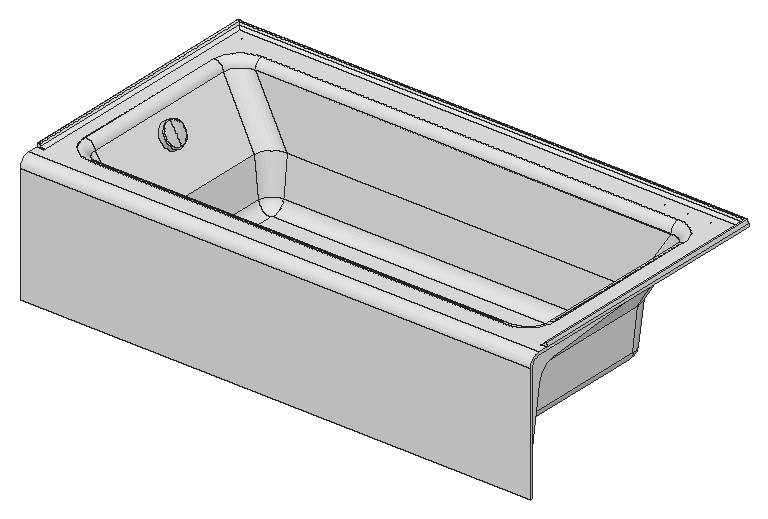
Revit family "Bath-Alcove-KOHLER-Bellwether-K-875", category Plumbing Fixtures, host Face, Revit 2015
Parameters (values of type "0-White")
  Width = 32"  # constant formula
  Waste Water Outlet = "Waste Water Outlet"  # constant formula
  Waste Connection = 1 = 1  # yes
  Vent Connection = 1 = 0  # no
  URL = "https://www.us.kohler.com/us/"
  Type = 1
  Product Page URL = "http://www.us.kohler.com/us/catalog/productDetails.jsp?productNumber=875"
  Product Name = "Bellwether"  # constant formula
  Product Documentation Link = "http://www.us.kohler.com/onlinecatalog/pdf/K-875_spec.pdf"
  Model = if(Type = 1, "K-875-0", if(Type = 2, "K-875-96", if(Type = 3, "K-875-47", if(Type = 4, "K-875-NY", if(Type = 5, "K-875-G9", "NA")))))  # "K-875-0"
  Material = "Enameled Cast Iron"  # constant formula
  MasterFormat 2004 = "22.41.19"  # constant formula
  MasterFormat 1995 = "15410"  # constant formula
  Manufacturer Address = "444 Highland Dr, Kohler, WI 53044"  # constant formula
  Manufacturer = "KOHLER Co."  # constant formula
  Length = 60"  # constant formula
  Hot Water Inlet = "Hot Water Inlet"  # constant formula
  Height = 15 1/2"  # constant formula
  HW Connection = 1 = 0  # no
  Finish = Kohler-Enameled_Cast_Iron-0-White
  Environmental Product Declaration = "https://www.us.kohler.com/webassets/kpna/catalog/pdf/en/K-875.pdf"
  Drain Included = 1 = 0  # no
  Description = "60inch x 32inch alcove bath with integral apron and left-hand drain"  # constant formula
  Default Elevation = 0"
  Declare Label = ""
  Date Modified = "12/17/2018"  # constant formula
  Date Created = "12/17/2018"  # constant formula
  Copyright = "Copyright KOHLER Co."  # constant formula
  Contact Us = "https://www.us.kohler.com/us/static/contact.jsp"
  Cold Water Inlet = "Cold Water Inlet"  # constant formula
  CW Connection = 1 = 0  # no
  Assembly Code = "D2010500"
  ADA Compliant = 1 = 1  # yes
Types (6): name | Type | Model | Finish
  (no name) | 1 | "K-875-0" | Kohler-Enameled_Cast_Iron-0-White
  0-White | 1 | "K-875-0" | Kohler-Enameled_Cast_Iron-0-White
  96-Biscuit | 2 | "K-875-96" | Kohler-Enameled_Cast_Iron-96-Biscuit
  47-Almond | 3 | "K-875-47" | Kohler-Enameled_Cast_Iron-47-Almond
  NY-Dune | 4 | "K-875-NY" | Kohler-Enameled_Cast_Iron-NY-Dune
  G9-Sandbar | 5 | "K-875-G9" | Kohler-Enameled_Cast_Iron-G9-Sandbar
Reference planes (in)
  plane 1 "Center (Front/Back)": y = 0
  plane 2: z = 0
  plane 3 "Center (Left/Right)": x = 0
  plane 4: y = 15.9375
  plane 5: y = -16.0625
  plane 6: x = -30
  plane 7: x = 30
  plane 8: x = -18.125
  plane 9: z = 15.5
Dimensions and locks (in)
  "Length": plane 6 to plane 7
  "Width": plane 5 to plane 4
  plane 6 to plane 8 = 11 7/8"
  "Height": plane 9 to plane 2
  aligned and locked: plane 2 to host face
  aligned and locked: level to host face
Automatic sketch dimensions
  host sketch curve to host sketch curve = 96"  (x2)
Nested families (in)
  nested 1: "K-875" at (0, 0, 0), type "K-875"
Connectors (in)
  piping at (-18.125, 0, 0.31928), diameter 1.5, driven by "Waste Connection", driven by "Waste Water Outlet"
    settings: on nested 1, index 1, connector inside diameter 24", connector length 0", flow factor 0, pipe flow 0 GPM, pressure drop 0.00 psi, fitting loss kfactor 0, connector angle 0.00°, fixture units 0, engagement length 0", angle of deflection 0.00°, flow configuration 0, flow direction 2, fitting loss method 0, system type 16, joint type 0, gender type 0, connector reference index -1, connector utility 1, adjustable connector no, is connector primary yes, connector description "Waste Water Outlet"
Definition of nested family "K-875"
  Parameters (values of type "K-875")
    Material = none
  Reference planes (in)
    plane 1 "Center (Front/Back)": y = 0
    plane 2: z = 0
    plane 3 "Center (Left/Right)": x = 0
    plane 4: y = 15.9375
    plane 5: y = -16.0625
    plane 6: x = -18.125
    plane 7: x = -30
    plane 8: x = 30
    plane 9: z = 15.5
    plane 10: z = 14.97865
  Forms (in)
    Sweep 1, solid, material <- "Material", detail levels medium+fine
      path origin (0, 0, 0) x (1, 0, 0) y (0, 1, 0)
        loop
          line (-22.24722, 8.76231) -> (-22.24722, -8.76231)
          arc (-22.24722, -8.76231) -> (-21.66144, -10.17652) -> (-20.24722, -10.76231) r 2
          line (-20.24722, -10.76231) -> (20.24722, -10.76231)
          arc (20.24722, -10.76231) -> (21.66144, -10.17652) -> (22.24722, -8.76231) r 2
          line (22.24722, -8.76231) -> (22.24722, 8.76231)
          arc (22.24722, 8.76231) -> (21.66144, 10.17652) -> (20.24722, 10.76231) r 2
          line (20.24722, 10.76231) -> (-20.24722, 10.76231)
          arc (-20.24722, 10.76231) -> (-21.66144, 10.17652) -> (-22.24722, 8.76231) r 2
      profile origin (-22.24722, 0, 0) x (1, 0, 0) y (0, 0, 1)
        loop
          arc (1.80483, 1.13671) -> (0.82256, 1.51377) -> (0.34489, 2.45125) r 1.46799
          line (0.34489, 2.45125) -> (-0.13412, 7.00871) -> (-0.49617, 7.00871) -> (0.04384, 1.87083)
          arc (0.04384, 1.87083) -> (0.49513, 0.98513) -> (1.42315, 0.6289) r 1.38691
          line (1.42315, 0.6289) -> (1.85274, 0.6289) -> (1.85274, 1.13671) -> (1.80483, 1.13671)
    Extrusion 2, solid, material <- "Material", detail levels medium+fine
      sketch origin (0, 0, 0) x (1, 0, 0) y (0, 1, 0)
        loop
          arc (-20.24722, 8.90957) -> (-20.35135, 8.86644) -> (-20.39448, 8.76231) r 0.14726
          line (-20.39448, 8.76231) -> (-20.39448, -8.76231)
          arc (-20.39448, -8.76231) -> (-20.35135, -8.86644) -> (-20.24722, -8.90957) r 0.14726
          line (-20.24722, -8.90957) -> (20.24722, -8.90957)
          arc (20.24722, -8.90957) -> (20.35135, -8.86644) -> (20.39448, -8.76231) r 0.14726
          line (20.39448, -8.76231) -> (20.39448, 8.76231)
          arc (20.39448, 8.76231) -> (20.35135, 8.86644) -> (20.24722, 8.90957) r 0.14726
          line (20.24722, 8.90957) -> (-20.24722, 8.90957)
      from 0.6289 to 1.13671
    Sweep 3, solid, material <- "Material", detail levels medium+fine
      path origin (0, 0, 0) x (1, 0, 0) y (0, 1, 0)
        loop
          line (30, -13.5625) -> (30, 15.9375) -> (-30, 15.9375) -> (-30, -13.5625)
      profile origin (-30, 1.1875, 0) x (1, 0, 0) y (0, 0, 1)
        loop
          arc (0.2406, 15.43717) -> (0.20654, 15.47567) -> (0.16016, 15.4978) r 0.12892
          arc (0.16016, 15.4978) -> (0.10871, 15.48913) -> (0.08007, 15.44553) r 0.06524
          line (0.08007, 15.44553) -> (0, 14.97865) -> (0, 14.68) -> (1.09448, 14.68) -> (1.09448, 14.97865) -> (0.794, 14.97865)
          arc (0.794, 14.97865) -> (0.544, 15.04564) -> (0.36099, 15.22865) r 0.5
          line (0.36099, 15.22865) -> (0.2406, 15.43717)
    Sweep 4, solid, material <- "Material", detail levels medium+fine
      path origin (0, 0, 0) x (1, 0, 0) y (0, 1, 0)
        loop
          arc (-24.46281, 12.43951) -> (-26.58413, 11.56083) -> (-27.46281, 9.43951) r 3
          line (-27.46281, 9.43951) -> (-27.46281, -9.43951)
          arc (-27.46281, -9.43951) -> (-26.58413, -11.56083) -> (-24.46281, -12.43951) r 3
          line (-24.46281, -12.43951) -> (24.46281, -12.43951)
          arc (24.46281, -12.43951) -> (26.58413, -11.56083) -> (27.46281, -9.43951) r 3
          line (27.46281, -9.43951) -> (27.46281, 9.43951)
          arc (27.46281, 9.43951) -> (26.58413, 11.56083) -> (24.46281, 12.43951) r 3
          line (24.46281, 12.43951) -> (-24.46281, 12.43951)
      profile origin (0, 12.43951, 0) x (0, 1, 0) y (0, 0, 1)
        loop
          line (0.21813, 14.875) -> (0.31592, 14.875) -> (0.31592, 14.97865) -> (0.16618, 14.97865)
          arc (0.16618, 14.97865) -> (-0.56355, 14.69408) -> (-0.90799, 13.99062) r 1.07792
          line (-0.90799, 13.99062) -> (-0.76024, 13.99062)
          arc (-0.76024, 13.99062) -> (-0.44129, 14.62114) -> (0.21813, 14.875) r 0.98336
    Blend 5, solid, material <- "Material", detail levels medium+fine
      base sketch origin (0, 0, 0) x (1, 0, 0) y (0, 1, 0)
        loop
          arc (-20.24722, 11.25848) -> (-22.01228, 10.52737) -> (-22.7434, 8.76231) r 2.49617
          line (-22.7434, 8.76231) -> (-22.7434, -8.76231)
          arc (-22.7434, -8.76231) -> (-22.01228, -10.52737) -> (-20.24722, -11.25848) r 2.49617
          line (-20.24722, -11.25848) -> (20.24722, -11.25848)
          arc (20.24722, -11.25848) -> (22.01228, -10.52737) -> (22.7434, -8.76231) r 2.49617
          line (22.7434, -8.76231) -> (22.7434, 8.76231)
          arc (22.7434, 8.76231) -> (22.01228, 10.52737) -> (20.24722, 11.25848) r 2.49617
          line (20.24722, 11.25848) -> (-20.24722, 11.25848)
      top sketch origin (0, 0, 0) x (1, 0, 0) y (0, 1, 0)
        loop
          line (-26.70257, 9.43951) -> (-26.70257, -9.43951)
          arc (-26.70257, -9.43951) -> (-26.04656, -11.02326) -> (-24.46281, -11.67927) r 2.23976
          line (-24.46281, -11.67927) -> (24.46281, -11.67927)
          arc (24.46281, -11.67927) -> (26.04656, -11.02326) -> (26.70257, -9.43951) r 2.23976
          line (26.70257, -9.43951) -> (26.70257, 9.43951)
          arc (26.70257, 9.43951) -> (26.04656, 11.02326) -> (24.46281, 11.67927) r 2.23976
          line (24.46281, 11.67927) -> (-24.46281, 11.67927)
          arc (-24.46281, 11.67927) -> (-26.04656, 11.02326) -> (-26.70257, 9.43951) r 2.23976
      from 7.00871 to 13.99062
    Blend 6, void
      base sketch origin (0, 0, 0) x (1, 0, 0) y (0, 1, 0)
        loop
          line (-22.38134, 8.76231) -> (-22.38134, -8.76231)
          arc (-22.38134, -8.76231) -> (-21.75627, -10.27136) -> (-20.24722, -10.89643) r 2.13412
          line (-20.24722, -10.89643) -> (20.24722, -10.89643)
          arc (20.24722, -10.89643) -> (21.75627, -10.27136) -> (22.38134, -8.76231) r 2.13412
          line (22.38134, -8.76231) -> (22.38134, 8.76231)
          arc (22.38134, 8.76231) -> (21.75627, 10.27136) -> (20.24722, 10.89643) r 2.13412
          line (20.24722, 10.89643) -> (-20.24722, 10.89643)
          arc (-20.24722, 10.89643) -> (-21.75627, 10.27136) -> (-22.38134, 8.76231) r 2.13412
      top sketch origin (0, 0, 0) x (1, 0, 0) y (0, 1, 0)
        loop
          line (-26.55483, 9.43951) -> (-26.55483, -9.43951)
          arc (-26.55483, -9.43951) -> (-25.94209, -10.91879) -> (-24.46281, -11.53153) r 2.09201
          line (-24.46281, -11.53153) -> (24.46281, -11.53153)
          arc (24.46281, -11.53153) -> (25.94209, -10.91879) -> (26.55483, -9.43951) r 2.09201
          line (26.55483, -9.43951) -> (26.55483, 9.43951)
          arc (26.55483, 9.43951) -> (25.94209, 10.91879) -> (24.46281, 11.53153) r 2.09201
          line (24.46281, 11.53153) -> (-24.46281, 11.53153)
          arc (-24.46281, 11.53153) -> (-25.94209, 10.91879) -> (-26.55483, 9.43951) r 2.09201
      from 7.00871 to 13.99062
    Extrusion 7, solid, material <- "Material", detail levels medium+fine
      sketch origin (0, 0, 0) x (0, 1, 0) y (0, 0, 1)
        loop
          line (-16.0625, 13.72865) -> (-16.0625, 0) -> (-15.83687, 0) -> (-15.83687, 13.68)
          arc (-15.83687, 13.68) -> (-15.54398, 14.38711) -> (-14.83687, 14.68) r 1
          line (-14.83687, 14.68) -> (-14.33687, 14.68) -> (-14.33687, 14.97865) -> (-14.8125, 14.97865)
          arc (-14.8125, 14.97865) -> (-15.69638, 14.61253) -> (-16.0625, 13.72865) r 1.25
      from -30 to 30
    Extrusion 8, solid, material <- "Material", detail levels medium+fine
      sketch origin (0, 0, 0) x (1, 0, 0) y (0, 1, 0)
        loop
          line (-28.90552, -13.5625) -> (-30, -13.5625) -> (-30, -14.33687) -> (30, -14.33687) -> (30, -13.5625) -> (28.90552, -13.5625) -> (28.90552, 14.84302) -> (-28.90552, 14.84302) -> (-28.90552, -13.5625)
        loop
          line (-27.77873, 9.43951) -> (-27.77873, -9.43951)
          arc (-27.77873, -9.43951) -> (-26.80752, -11.78422) -> (-24.46281, -12.75543) r 3.31592
          line (-24.46281, -12.75543) -> (24.46281, -12.75543)
          arc (24.46281, -12.75543) -> (26.80752, -11.78422) -> (27.77873, -9.43951) r 3.31592
          line (27.77873, -9.43951) -> (27.77873, 9.43951)
          arc (27.77873, 9.43951) -> (26.80752, 11.78422) -> (24.46281, 12.75543) r 3.31592
          line (24.46281, 12.75543) -> (-24.46281, 12.75543)
          arc (-24.46281, 12.75543) -> (-26.80752, 11.78422) -> (-27.77873, 9.43951) r 3.31592
      from 14.68 to 14.97865
    Revolve 9, solid, material <- "Material", detail levels medium+fine
      sketch origin (0, 0, 0) x (1, 0, 0) y (0, 0, 1)
        loop
          line (-19.75, 0.25) -> (-19.25865, 0.25) -> (-19.25865, 0.31928) -> (-18.125, 0.31928) -> (-18.125, 0.6289) -> (-20.49363, 0.6289)
          arc (-20.49363, 0.6289) -> (-20.09605, 0.49002) -> (-19.75, 0.25) r 1.56258
        axis (-18.125, 0.6289) -> (-18.125, 0.25)
      angle from 0 to 360
    Revolve 10, void
      sketch origin (0, 0, 0) x (1, 0, 0) y (0, 0, 1)
        loop
          line (-18.125, 0.76965) -> (-18.125, 1.13671) -> (-19.90149, 1.13671)
          arc (-19.90149, 1.13671) -> (-19.57337, 1.03636) -> (-19.35751, 0.76965) r 0.58661
          line (-19.35751, 0.76965) -> (-18.125, 0.76965)
        axis (-18.125, 1.13671) -> (-18.125, 0.76965)
      angle from 0 to 360
    Revolve 11, solid, detail levels medium+fine
      sketch origin (0, 0, 0) x (1, 0, 0) y (0, 0, 1)
        loop
          line (-18.125, 0.6289) -> (-18.125, 1.19651)
          arc (-18.125, 1.19651) -> (-18.79429, 1.17494) -> (-19.46081, 1.11033) r 10.39578
          arc (-19.46081, 1.11033) -> (-19.51377, 1.046) -> (-19.45298, 0.989) r 0.06092
          line (-19.45298, 0.989) -> (-18.67539, 0.989) -> (-18.67539, 0.6289) -> (-18.125, 0.6289)
        axis (-18.125, 1.19651) -> (-18.125, 0.6289)
      angle from 0 to 360
    Revolve 12, solid, detail levels medium+fine
      sketch origin (0, 0, 0) x (1, 0, 0) y (0, 0, 1)
        loop
          line (-25.9138, 13.25397) -> (-25.62793, 12.77575) -> (-25.7758, 12.68736) -> (-25.30527, 11.90021) -> (-24.48014, 12.39343)
          arc (-24.48014, 12.39343) -> (-24.86224, 12.96107) -> (-25.30298, 13.48447) r 6.37392
          arc (-25.30298, 13.48447) -> (-25.35744, 13.51392) -> (-25.41868, 13.50483) r 0.09795
          line (-25.41868, 13.50483) -> (-25.9138, 13.25397)
        axis (-24.48014, 12.39343) -> (-25.30527, 11.90021)
      angle from 0 to 360
    Sweep 13, solid, material <- "Material", detail levels medium+fine
      path origin (0, 0, 0) x (1, 0, 0) y (0, 1, 0)
        loop
          line (-29.06242, -13.5625) -> (-29.06242, 14.92355) -> (29.06242, 14.92355) -> (29.06242, -13.5625)
      profile origin (0, 14.92355, 0) x (0, 1, 0) y (0, 0, 1)
        loop
          line (-0.20692, 14.68) -> (-0.20692, 14.48693)
          arc (-0.20692, 14.48693) -> (-0.01922, 14.29924) -> (0.16848, 14.48693) r 0.1877
          line (0.16848, 14.48693) -> (0.16848, 14.68) -> (-0.20692, 14.68)
    Extrusion 14, solid, material <- "Material", detail levels medium+fine
      sketch origin (0, 0, 0) x (0, 1, 0) y (0, 0, 1)
        loop
          line (-11.85323, 12.92027) -> (5.03113, 14.68) -> (-14.83687, 14.68)
          arc (-14.83687, 14.68) -> (-15.54398, 14.38711) -> (-15.83687, 13.68) r 1
          line (-15.83687, 13.68) -> (-15.83687, 0.4764)
          arc (-15.83687, 0.4764) -> (-15.62613, 0.69945) -> (-15.51819, 0.98671) r 0.77687
          line (-15.51819, 0.98671) -> (-13.89774, 10.98865)
          arc (-13.89774, 10.98865) -> (-13.20262, 12.30071) -> (-11.85323, 12.92027) r 2.31419
      from -29.2309 to -28.8555
    Extrusion 15, solid, material <- "Material", detail levels medium+fine
      sketch origin (0, 0, 0) x (0, 1, 0) y (0, 0, -1)
        loop
          arc (-11.85323, -12.92027) -> (-13.20262, -12.30071) -> (-13.89774, -10.98865) r 2.31419
          line (-13.89774, -10.98865) -> (-15.51819, -0.98671)
          arc (-15.51819, -0.98671) -> (-15.62613, -0.69945) -> (-15.83687, -0.4764) r 0.77687
          line (-15.83687, -0.4764) -> (-15.83687, -13.68)
          arc (-15.83687, -13.68) -> (-15.54398, -14.38711) -> (-14.83687, -14.68) r 1
          line (-14.83687, -14.68) -> (5.03113, -14.68) -> (-11.85323, -12.92027)
      from -29.2309 to -28.8555
    Extrusion 16, solid, material <- "Material", detail levels medium+fine
      sketch origin (0, 0, 0) x (1, 0, 0) y (0, 1, 0)
        loop
          line (12.75183, -10.55992) -> (14.75183, -10.55992) -> (14.75183, -10.05992) -> (12.75183, -10.05992) -> (12.75183, -10.55992)
        loop
          line (-15.24817, -10.55992) -> (-13.24817, -10.55992) -> (-13.24817, -10.05992) -> (-15.24817, -10.05992) -> (-15.24817, -10.55992)
        loop
          line (12.75183, 10.55992) -> (12.75183, 10.05992) -> (14.75183, 10.05992) -> (14.75183, 10.55992) -> (12.75183, 10.55992)
        loop
          line (-15.24817, 10.55992) -> (-15.24817, 10.05992) -> (-13.24817, 10.05992) -> (-13.24817, 10.55992) -> (-15.24817, 10.55992)
      from 0 to 1.49771
    Extrusion 17, solid, material <- "Material", detail levels coarse
      sketch origin (0, 0, 0) x (1, 0, 0) y (0, 1, 0)
        loop
          line (30, 15.9375) -> (-30, 15.9375) -> (-30, -16.0625) -> (30, -16.0625) -> (30, 15.9375)
      from 14.68 to 15.5
    Extrusion 18, solid, material <- "Material", detail levels coarse
      sketch origin (0, 0, 0) x (0, 1, 0) y (0, 0, 1)
        loop
          line (-16.0625, 14.68) -> (-16.0625, 0) -> (-15.5625, 0) -> (-15.5625, 14.68) -> (-16.0625, 14.68)
      from -30 to 30
    Blend 19, solid, material <- "Material", detail levels coarse
      base sketch origin (0, 0, 0) x (1, 0, 0) y (0, 1, 0)
        loop
          line (-22.7434, 8.76231) -> (-22.7434, -8.76231)
          arc (-22.7434, -8.76231) -> (-22.01228, -10.52737) -> (-20.24722, -11.25848) r 2.49617
          line (-20.24722, -11.25848) -> (20.24722, -11.25848)
          arc (20.24722, -11.25848) -> (22.01228, -10.52737) -> (22.7434, -8.76231) r 2.49617
          line (22.7434, -8.76231) -> (22.7434, 8.76231)
          arc (22.7434, 8.76231) -> (22.01228, 10.52737) -> (20.24722, 11.25848) r 2.49617
          line (20.24722, 11.25848) -> (-20.24722, 11.25848)
          arc (-20.24722, 11.25848) -> (-22.01228, 10.52737) -> (-22.7434, 8.76231) r 2.49617
      top sketch origin (0, 0, 0) x (1, 0, 0) y (0, 1, 0)
        loop
          arc (-26.70257, -9.43951) -> (-26.04656, -11.02326) -> (-24.46281, -11.67927) r 2.23976
          line (-24.46281, -11.67927) -> (24.46281, -11.67927)
          arc (24.46281, -11.67927) -> (26.04656, -11.02326) -> (26.70257, -9.43951) r 2.23976
          line (26.70257, -9.43951) -> (26.70257, 9.43951)
          arc (26.70257, 9.43951) -> (26.04656, 11.02326) -> (24.46281, 11.67927) r 2.23976
          line (24.46281, 11.67927) -> (-24.46281, 11.67927)
          arc (-24.46281, 11.67927) -> (-26.04656, 11.02326) -> (-26.70257, 9.43951) r 2.23976
          line (-26.70257, 9.43951) -> (-26.70257, -9.43951)
      from 0 to 14.68
    Blend 20, void
      base sketch origin (0, 0, 0) x (1, 0, 0) y (0, 1, 0)
        loop
          arc (-21.63134, -8.26231) -> (-21.00627, -9.77136) -> (-19.49722, -10.39643) r 2.13412
          line (-19.49722, -10.39643) -> (19.49722, -10.39643)
          arc (19.49722, -10.39643) -> (21.00627, -9.77136) -> (21.63134, -8.26231) r 2.13412
          line (21.63134, -8.26231) -> (21.63134, 8.26231)
          arc (21.63134, 8.26231) -> (21.00627, 9.77136) -> (19.49722, 10.39643) r 2.13412
          line (19.49722, 10.39643) -> (-19.49722, 10.39643)
          arc (-19.49722, 10.39643) -> (-21.00627, 9.77136) -> (-21.63134, 8.26231) r 2.13412
          line (-21.63134, 8.26231) -> (-21.63134, -8.26231)
      top sketch origin (0, 0, 0) x (1, 0, 0) y (0, 1, 0)
        loop
          arc (-23.46281, 10.92927) -> (-25.04656, 10.27326) -> (-25.70257, 8.68951) r 2.23976
          line (-25.70257, 8.68951) -> (-25.70257, -8.68951)
          arc (-25.70257, -8.68951) -> (-25.04656, -10.27326) -> (-23.46281, -10.92927) r 2.23976
          line (-23.46281, -10.92927) -> (23.46281, -10.92927)
          arc (23.46281, -10.92927) -> (25.04656, -10.27326) -> (25.70257, -8.68951) r 2.23976
          line (25.70257, -8.68951) -> (25.70257, 8.68951)
          arc (25.70257, 8.68951) -> (25.04656, 10.27326) -> (23.46281, 10.92927) r 2.23976
          line (23.46281, 10.92927) -> (-23.46281, 10.92927)
      from 1.35759 to 15.5
  Cuts and joins
    Blend 6 cuts Blend 5
    joined: Revolve 11, Revolve 12
    Revolve 10 cuts Extrusion 2
    joined: Sweep 1, Extrusion 2, Sweep 3, Sweep 4, Extrusion 7, Extrusion 8, Revolve 9, Sweep 13, Extrusion 14, Extrusion 15, Extrusion 16
    Blend 20 cuts Extrusion 17
    Blend 20 cuts Extrusion 18
    Blend 20 cuts Blend 19
    joined: Extrusion 17, Extrusion 18, Blend 19
  Lines and regions (in)
    Masking region 1
      outline origin (0, 0, 0) x (1, 0, 0) y (0, 0, 1)
        loop
          arc (-29.85564, 15.5) -> (-29.89769, 15.48438) -> (-29.91993, 15.44553) r 0.06524
          line (-29.91993, 15.44553) -> (-30, 14.97865) -> (-30, 0) -> (30, 0) -> (30, 14.97865) -> (29.91993, 15.44553)
          arc (29.91993, 15.44553) -> (29.89769, 15.48438) -> (29.85564, 15.5) r 0.06524
          line (29.85564, 15.5) -> (-29.85564, 15.5)
    Masking region 2
      outline origin (0, 0, 0) x (0, 1, 0) y (0, 0, 1)
        loop
          line (15.9375, 14.97865) -> (15.85743, 15.44553)
          arc (15.85743, 15.44553) -> (15.83519, 15.48438) -> (15.79314, 15.49974) r 0.06524
          line (15.79314, 15.49974) -> (-12.67725, 15.5)
          arc (-12.67725, 15.5) -> (-13.19093, 15.35998) -> (-13.5625, 14.97865) r 1.01225
          line (-13.5625, 14.97865) -> (-14.8125, 14.97865)
          arc (-14.8125, 14.97865) -> (-15.69638, 14.61253) -> (-16.0625, 13.72865) r 1.25
          line (-16.0625, 13.72865) -> (-16.0625, 0) -> (-15.83687, 0) -> (-15.83687, 0.4764)
          arc (-15.83687, 0.4764) -> (-15.62613, 0.69945) -> (-15.51819, 0.98671) r 0.77687
          line (-15.51819, 0.98671) -> (-13.89774, 10.98865)
          arc (-13.89774, 10.98865) -> (-13.20262, 12.30071) -> (-11.85323, 12.92027) r 2.31419
          line (-11.85323, 12.92027) -> (-11.61443, 12.94516) -> (-11.25848, 7.00871) -> (-10.72212, 1.90556)
          arc (-10.72212, 1.90556) -> (-10.66666, 1.63459) -> (-10.55992, 1.37942) r 1.42569
          line (-10.55992, 1.37942) -> (-10.55992, 0) -> (-10.05992, 0) -> (-10.05992, 0.84565)
          arc (-10.05992, 0.84565) -> (-9.69732, 0.68416) -> (-9.30424, 0.6289) r 1.42569
          line (-9.30424, 0.6289) -> (-2.37562, 0.6289)
          arc (-2.37562, 0.6289) -> (-1.97471, 0.49017) -> (-1.625, 0.25) r 1.58379
          line (-1.625, 0.25) -> (1.625, 0.25)
          arc (1.625, 0.25) -> (1.97471, 0.49017) -> (2.37562, 0.6289) r 1.58379
          line (2.37562, 0.6289) -> (9.30424, 0.6289)
          arc (9.30424, 0.6289) -> (9.69732, 0.68416) -> (10.05992, 0.84565) r 1.42569
          line (10.05992, 0.84565) -> (10.05992, 0) -> (10.55992, 0) -> (10.55992, 1.35759)
          arc (10.55992, 1.35759) -> (10.66617, 1.62413) -> (10.72212, 1.90556) r 1.56968
          line (10.72212, 1.90556) -> (11.25848, 7.00871) -> (11.67927, 13.99062)
          arc (11.67927, 13.99062) -> (11.70519, 14.14919) -> (11.76265, 14.29924) r 0.79029
          line (11.76265, 14.29924) -> (14.90433, 14.29924)
          arc (14.90433, 14.29924) -> (15.03706, 14.35421) -> (15.09203, 14.48693) r 0.1877
          line (15.09203, 14.48693) -> (15.09203, 14.68) -> (15.9375, 14.68) -> (15.9375, 14.97865)
    Masking region 3
      outline origin (0, 0, 0) x (1, 0, 0) y (0, 1, 0)
        loop
          line (30, 15.9375) -> (-30, 15.9375) -> (-30, -16.0625) -> (30, -16.0625) -> (30, 15.9375)
    symbolic lines, detail levels medium+fine
      curve 1: line (-30, 0, 14.97865) -> (30, 0, 14.97865)
      curve 2: line (29.7594, 0, 15.43717) -> (29.63901, 0, 15.22865)
      curve 3: arc (29.83984, 0, 15.4978) -> (29.79346, 0, 15.47567) -> (29.7594, 0, 15.43717) r 0.12892
      curve 4: arc (29.63901, 0, 15.22865) -> (29.456, 0, 15.04564) -> (29.206, 0, 14.97865) r 0.5
      curve 5: arc (-29.83984, 0, 15.4978) -> (-29.79346, 0, 15.47567) -> (-29.7594, 0, 15.43717) r 0.12892
      curve 6: line (-29.63901, 0, 15.22865) -> (-29.7594, 0, 15.43717)
      curve 7: arc (-29.63901, 0, 15.22865) -> (-29.456, 0, 15.04564) -> (-29.206, 0, 14.97865) r 0.5
      curve 8: line (0, -15.83687, 0) -> (0, -15.83687, 13.68)
      curve 9: arc (0, -15.83687, 13.68) -> (0, -15.54398, 14.38711) -> (0, -14.83687, 14.68) r 1
      curve 10: line (0, -14.83687, 14.68) -> (0, 15.9375, 14.68)
      curve 11: line (0, -13.5625, 14.97865) -> (0, 15.9375, 14.97865)
      curve 12: line (0, -11.85323, 12.92027) -> (0, 3.1787, 14.48693)
      curve 13: line (0, 11.76265, 14.29924) -> (0, 1.37775, 14.29924)
      curve 14: line (0, 11.67927, 13.99062) -> (0, -1.58335, 13.99062)
      curve 15: line (0, 11.25848, 7.00871) -> (0, -11.25848, 7.00871)
      curve 16: line (0, 2.37562, 0.6289) -> (0, -2.36863, 0.6289)
      curve 17: arc (0, 10.05992, 0.83089) -> (0, 10.34501, 1.06093) -> (0, 10.55992, 1.35759) r 1.38691
      curve 18: arc (0, -10.05992, 0.83089) -> (0, -10.34501, 1.06093) -> (0, -10.55992, 1.35759) r 1.38691
      curve 19: arc (-22.38134, 8.76231, 0) -> (-21.75627, 10.27136, 0) -> (-20.24722, 10.89643, 0) r 2.13412
      curve 20: line (-20.24722, 10.89643, 0) -> (20.24722, 10.89643, 0)
      curve 21: arc (20.24722, 10.89643, 0) -> (21.75627, 10.27136, 0) -> (22.38134, 8.76231, 0) r 2.13412
      curve 22: line (22.38134, 8.76231, 0) -> (22.38134, -8.76231, 0)
      curve 23: arc (22.38134, -8.76231, 0) -> (21.75627, -10.27136, 0) -> (20.24722, -10.89643, 0) r 2.13412
      curve 24: line (20.24722, -10.89643, 0) -> (-20.24722, -10.89643, 0)
      curve 25: arc (-20.24722, -10.89643, 0) -> (-21.75627, -10.27136, 0) -> (-22.38134, -8.76231, 0) r 2.13412
      curve 26: line (-22.38134, -8.76231, 0) -> (-22.38134, 8.76231, 0)
      curve 27: arc (-24.46281, 11.53153, 0) -> (-25.94209, 10.91879, 0) -> (-26.55483, 9.43951, 0) r 2.09201
      curve 28: line (-26.55483, 9.43951, 0) -> (-26.55483, -9.43951, 0)
      curve 29: arc (-26.55483, -9.43951, 0) -> (-25.94209, -10.91879, 0) -> (-24.46281, -11.53153, 0) r 2.09201
      curve 30: line (-24.46281, -11.53153, 0) -> (24.46281, -11.53153, 0)
      curve 31: arc (24.46281, -11.53153, 0) -> (25.94209, -10.91879, 0) -> (26.55483, -9.43951, 0) r 2.09201
      curve 32: line (26.55483, -9.43951, 0) -> (26.55483, 9.43951, 0)
      curve 33: arc (26.55483, 9.43951, 0) -> (25.94209, 10.91879, 0) -> (24.46281, 11.53153, 0) r 2.09201
      curve 34: line (24.46281, 11.53153, 0) -> (-24.46281, 11.53153, 0)
      curve 35: circle (-18.125, 0, 0) r 1.625 normal (0, 0, 1)
      curve 36: circle (-18.125, 0, 0) r 1.13365 normal (0, 0, -1)
      curve 37: line (-29.2309, 15.09203, 0) -> (-29.2309, -11.85323, 0)
      curve 38: line (29.2309, 15.09203, 0) -> (-29.2309, 15.09203, 0)
      curve 39: line (29.2309, -11.85323, 0) -> (29.2309, 15.09203, 0)
      curve 40: arc (-29.2309, -11.85323, 0) -> (-29.43203, -12.79039, 0) -> (-30, -13.5625, 0) r 2.28393
      curve 41: arc (29.2309, -11.85323, 0) -> (29.43203, -12.79039, 0) -> (30, -13.5625, 0) r 2.28393
      curve 42: spline (-25.15741, 1.47422, 0) -> (-25.35318, 1.42398, 0) -> (-25.5356, 1.27671, 0) -> (-25.69226, 1.04243, 0) -> (-25.81246, 0.73711, 0) -> (-25.88802, 0.38156, 0) -> (-25.9138, 0, 0) -> (-25.88802, -0.38156, 0) -> (-25.81246, -0.73711, 0) -> (-25.69226, -1.04243, 0) -> (-25.5356, -1.27671, 0) -> (-25.35318, -1.42398, 0) -> (-25.15741, -1.47422, 0)
      curve 43: line (-25.15741, 1.47422, 0) -> (-24.61426, 1.4267, 0)
      curve 44: arc (-24.10925, 0.97812, 0) -> (-23.9029, 0, 0) -> (-24.10925, -0.97812, 0) r 2.42142
      curve 45: arc (-24.36164, 1.3115, 0) -> (-24.216, 1.15952, 0) -> (-24.10925, 0.97812, 0) r 0.9086
      curve 46: arc (-24.61426, 1.4267, 0) -> (-24.48034, 1.38579, 0) -> (-24.36164, 1.3115, 0) r 0.53446
      curve 47: line (-25.15741, -1.47422, 0) -> (-24.61426, -1.4267, 0)
      curve 48: arc (-24.36164, -1.3115, 0) -> (-24.216, -1.15952, 0) -> (-24.10925, -0.97812, 0) r 0.9086
      curve 49: arc (-24.61426, -1.4267, 0) -> (-24.48034, -1.38579, 0) -> (-24.36164, -1.3115, 0) r 0.53446
      curve 50: arc (-24.36164, 1.3115, 0) -> (-24.57568, 1.3897, 0) -> (-24.76748, 1.26665, 0) r 0.25646
      curve 51: arc (-24.36164, -1.3115, 0) -> (-24.57568, -1.3897, 0) -> (-24.76748, -1.26665, 0) r 0.25646
      curve 52: arc (-24.76748, 1.26665, 0) -> (-25.11803, 0, 0) -> (-24.76748, -1.26665, 0) r 2.46367
  Dimensions and locks (in)
    plane 1 "Center (Front/Back)" to plane 4 = 15 15/16"
    plane 5 to plane 4 = 32"
    plane 7 to plane 8 = 60"
    plane 7 to plane 6 = 11 7/8"
    plane 9 to plane 2 = 15 1/2"
    aligned and locked: plane 2 to level
